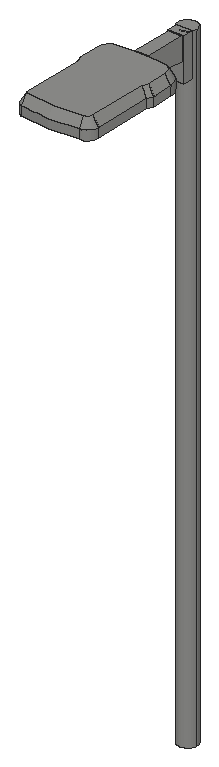
Revit family "VP-2-A_U", category Lighting Fixtures, host Face, Revit 2019 (continued)
Definition of nested family "SIZE2-ASQU"
  Automatic sketch dimensions
    Extrusion 22 sketch curve to Extrusion 22 sketch curve = 0.02618"
    Extrusion 22 sketch curve to Extrusion 22 sketch curve = 0.1119"
    Extrusion 22 sketch curve to plane 8 = 0.03691"
    Extrusion 22 sketch curve to Extrusion 22 sketch curve = 0.36056"
    Extrusion 22 sketch curve to plane 8 = 0.00781"
    Extrusion 22 sketch curve to Extrusion 22 sketch curve = 0.06241"
    Extrusion 22 sketch curve to Extrusion 22 sketch curve = 0.47992"
    Extrusion 22 sketch curve to Extrusion 22 sketch curve = 0.20146"
    Extrusion 23 sketch curve to plane 4 = 1.71682"
    Extrusion 23 sketch curve to plane 8 = 0.46661"
    Extrusion 23 sketch curve to Extrusion 23 sketch curve = 0.02618"
    Extrusion 23 sketch curve to Extrusion 23 sketch curve = 0.1119"
    Extrusion 23 sketch curve to plane 8 = 0.03691"
    Extrusion 23 sketch curve to Extrusion 23 sketch curve = 0.36056"
    Extrusion 23 sketch curve to plane 8 = 0.00781"
    Extrusion 23 sketch curve to Extrusion 23 sketch curve = 0.06241"
    Extrusion 23 sketch curve to Extrusion 23 sketch curve = 0.47992"
    Extrusion 23 sketch curve to Extrusion 23 sketch curve = 0.20146"
    Extrusion 24 sketch curve to plane 4 = 1.71682"
    Extrusion 24 sketch curve to plane 8 = 0.46661"
    Extrusion 24 sketch curve to Extrusion 24 sketch curve = 0.02618"
    Extrusion 24 sketch curve to Extrusion 24 sketch curve = 0.1119"
    Extrusion 24 sketch curve to plane 8 = 0.03691"
    Extrusion 24 sketch curve to Extrusion 24 sketch curve = 0.36056"
    Extrusion 24 sketch curve to plane 8 = 0.00781"
    Extrusion 24 sketch curve to Extrusion 24 sketch curve = 0.06241"
    Extrusion 24 sketch curve to Extrusion 24 sketch curve = 0.47992"
    Extrusion 24 sketch curve to Extrusion 24 sketch curve = 0.20146"
    Extrusion 25 sketch curve to plane 4 = 1.71682"
    Extrusion 25 sketch curve to plane 8 = 0.46661"
    Extrusion 25 sketch curve to Extrusion 25 sketch curve = 0.02618"
    Extrusion 25 sketch curve to Extrusion 25 sketch curve = 0.1119"
    Extrusion 25 sketch curve to plane 8 = 0.03691"
    Extrusion 25 sketch curve to Extrusion 25 sketch curve = 0.36056"
    Extrusion 25 sketch curve to plane 8 = 0.00781"
    Extrusion 25 sketch curve to Extrusion 25 sketch curve = 0.06241"
    Extrusion 25 sketch curve to Extrusion 25 sketch curve = 0.47992"
    Extrusion 25 sketch curve to Extrusion 25 sketch curve = 0.20146"
    Extrusion 26 sketch curve to plane 5 = 1.71682"
    plane 8 to Extrusion 26 sketch curve = 0.46661"
    Extrusion 26 sketch curve to Extrusion 26 sketch curve = 0.02618"
    Extrusion 26 sketch curve to Extrusion 26 sketch curve = 0.1119"
    plane 8 to Extrusion 26 sketch curve = 0.03691"
    Extrusion 26 sketch curve to Extrusion 26 sketch curve = 0.36056"
    plane 8 to Extrusion 26 sketch curve = 0.00781"
    Extrusion 26 sketch curve to Extrusion 26 sketch curve = 0.06241"
    Extrusion 26 sketch curve to Extrusion 26 sketch curve = 0.47992"
    Extrusion 26 sketch curve to Extrusion 26 sketch curve = 0.20146"
    plane 5 to Extrusion 27 sketch curve = 1.71682"
    Extrusion 27 sketch curve to plane 8 = 0.46661"
    Extrusion 27 sketch curve to Extrusion 27 sketch curve = 0.02618"
    Extrusion 27 sketch curve to Extrusion 27 sketch curve = 0.1119"
    Extrusion 27 sketch curve to plane 8 = 0.03691"
    Extrusion 27 sketch curve to Extrusion 27 sketch curve = 0.36056"
    Extrusion 27 sketch curve to plane 8 = 0.00781"
    Extrusion 27 sketch curve to Extrusion 27 sketch curve = 0.06241"
    Extrusion 27 sketch curve to Extrusion 27 sketch curve = 0.47992"
    Extrusion 27 sketch curve to Extrusion 27 sketch curve = 0.20146"
    plane 5 to Extrusion 28 sketch curve = 1.71682"
    Extrusion 28 sketch curve to plane 8 = 0.46661"
    Extrusion 28 sketch curve to Extrusion 28 sketch curve = 0.02618"
    Extrusion 28 sketch curve to Extrusion 28 sketch curve = 0.1119"
    Extrusion 28 sketch curve to plane 8 = 0.03691"
    Extrusion 28 sketch curve to Extrusion 28 sketch curve = 0.36056"
    Extrusion 28 sketch curve to plane 8 = 0.00781"
    Extrusion 28 sketch curve to Extrusion 28 sketch curve = 0.06241"
    Extrusion 28 sketch curve to Extrusion 28 sketch curve = 0.47992"
    Extrusion 28 sketch curve to Extrusion 28 sketch curve = 0.20146"
    plane 5 to Extrusion 29 sketch curve = 1.71682"
    Extrusion 29 sketch curve to plane 8 = 0.46661"
    Extrusion 29 sketch curve to Extrusion 29 sketch curve = 0.02618"
    Extrusion 29 sketch curve to Extrusion 29 sketch curve = 0.1119"
    Extrusion 29 sketch curve to plane 8 = 0.03691"
    Extrusion 29 sketch curve to Extrusion 29 sketch curve = 0.36056"
    Extrusion 29 sketch curve to plane 8 = 0.00781"
    Extrusion 29 sketch curve to Extrusion 29 sketch curve = 0.06241"
    Extrusion 29 sketch curve to Extrusion 29 sketch curve = 0.47992"
    Extrusion 29 sketch curve to Extrusion 29 sketch curve = 0.20146"
    plane 5 to Extrusion 30 sketch curve = 1.71682"
    Extrusion 30 sketch curve to plane 8 = 0.46661"
    Extrusion 30 sketch curve to Extrusion 30 sketch curve = 0.02618"
    Extrusion 30 sketch curve to Extrusion 30 sketch curve = 0.1119"
    Extrusion 30 sketch curve to plane 8 = 0.03691"
    Extrusion 30 sketch curve to Extrusion 30 sketch curve = 0.36056"
    Extrusion 30 sketch curve to plane 8 = 0.00781"
    Extrusion 30 sketch curve to Extrusion 30 sketch curve = 0.06241"
    Extrusion 30 sketch curve to Extrusion 30 sketch curve = 0.47992"
    Extrusion 30 sketch curve to Extrusion 30 sketch curve = 0.20146"
    plane 5 to Extrusion 31 sketch curve = 1.77513"
    Extrusion 31 sketch curve to Extrusion 31 sketch curve = 0.35"  (x3)
    Extrusion 31 sketch curve to plane 4 = 2.07197"  (x2)
    plane 6 to Extrusion 31 sketch curve = 7.81182"
    Extrusion 31 sketch curve to Extrusion 31 sketch curve = 5.05"
    plane 5 to Extrusion 32 sketch curve = 2.33171"
    Extrusion 32 sketch curve to Extrusion 32 sketch curve = 0.00"  (x61)
    Extrusion 32 sketch curve to Extrusion 32 sketch curve = 0.51875"  (x27)
    plane 6 to Extrusion 32 sketch curve = 8.73694"
    Extrusion 32 sketch curve to Extrusion 32 sketch curve = 0.50"  (x72)
    plane 4 to Extrusion 33 sketch curve = 2.33171"
    Extrusion 33 sketch curve to Extrusion 33 sketch curve = 0.00"  (x61)
    Extrusion 33 sketch curve to Extrusion 33 sketch curve = 0.51875"  (x27)
    Extrusion 33 sketch curve to plane 6 = 8.73694"
    Extrusion 33 sketch curve to Extrusion 33 sketch curve = 0.50"  (x72)
    plane 5 to Extrusion 34 sketch curve = 1.89345"
    Extrusion 34 sketch curve to Extrusion 34 sketch curve = 0.25"  (x3)
    Extrusion 34 sketch curve to plane 3 "Center (Left/Right)" = 0.54655"  (x2)
    plane 6 to Extrusion 34 sketch curve = 8.2409"
    Extrusion 34 sketch curve to Extrusion 34 sketch curve = 4.50"
    plane 4 to Extrusion 35 sketch curve = 1.89345"
    Extrusion 35 sketch curve to Extrusion 35 sketch curve = 0.25"  (x3)
    Extrusion 35 sketch curve to plane 3 "Center (Left/Right)" = 0.54655"  (x2)
    Extrusion 35 sketch curve to plane 6 = 8.2409"
    Extrusion 35 sketch curve to Extrusion 35 sketch curve = 4.50"
    Extrusion 36 sketch curve to plane 9 = 0.00"
    Extrusion 36 sketch curve to plane 8 = 0.1127"
    plane 8 to Extrusion 36 sketch curve = 0.82565"
    level to Extrusion 36 sketch curve = 1.11826"
    plane 6 to Extrusion 36 sketch curve = 0.68266"
    Extrusion 37 sketch curve to plane 3 "Center (Left/Right)" = 1.50"
    plane 3 "Center (Left/Right)" to Extrusion 37 sketch curve = 1.50"
    plane 8 to Extrusion 37 sketch curve = 4.5045"
    Extrusion 37 sketch curve to plane 9 = 0.0155"
    radius of Extrusion 7 sketch curve = 0.15"  (x81)
    radius of Extrusion 8 sketch curve = 0.15"  (x81)
    radius of Extrusion 32 sketch curve = 0.15"  (x81)
    radius of Extrusion 33 sketch curve = 0.15"  (x81)
Types (5): name | Pole Radius | Model | Pole Diameter
  (no name) | 1.75" | "VP-2-A3U" | 3.50"
  VP-2-A2U | 1.25" | "VP-2-A2U" | 2.50"
  VP-2-A3U | 1.75" | "VP-2-A3U" | 3.50"
  VP-2-A4U | 2.09" | "VP-2-A4U" | 4.18"
  VP-2-A5U | 2.75" | "VP-2-A5U" | 5.50"
